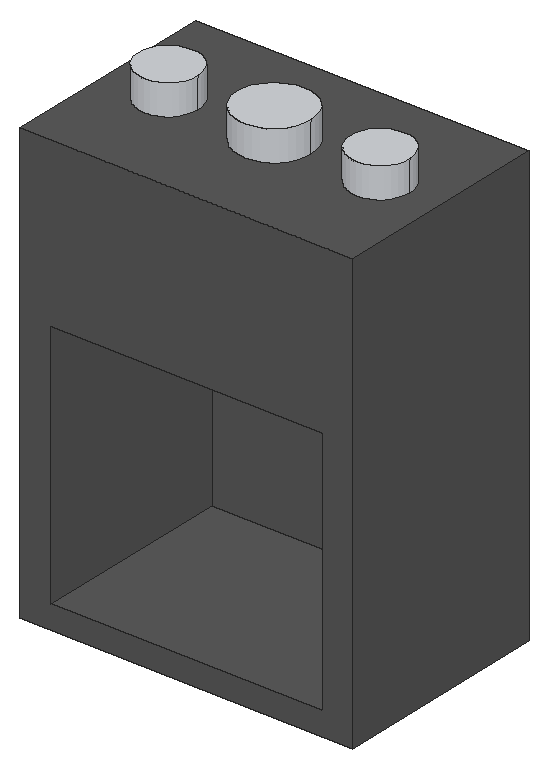
Revit family "montigo-commercial-single-sided-low-profile-fireplace-BF36", category Generic Models, Revit 2019
Family settings
  Can host rebar = No
  Round Connector Dimension = Use Diameter
  Part Type = Normal
  Work Plane-Based = No
  Always vertical = Yes
  Cut with Voids When Loaded = No
  Shared = No
  Room Calculation Point = No
Parameters
  URL = "https://www.montigo.com/"
  Model = ""
  Manufacturer Fax = ""
  Manufacturer Website = "https://www.montigo.com/"
  Manufacturer Phone - Toll Free = "800-378-3115"
  Manufacturer Phone = ""
  Manufacturer Address = "27342 Gloucester Way  Langley, BC, Canada   V4W 4A1"
  Manufacturer = "Montigo"
  Keynote = ""
  Glazing Tint = Glass - Montigo - Tint as Specified
  Frame Material = Metal - Montigo - Black
  Firebox Material = Metal - Montigo - White
  Description = "Montigo Fireplace as Specified"
Reference planes (in)
  plane 1 "Center (Front/Back)": y = 0
  plane 2: z = 0
  plane 3 "Center (Left/Right)": x = 0
Forms (in)
  Extrusion 1, solid, material "Metal - Montigo - Black" <- "Frame Material"
    sketch origin (15, -15, 0) x (1, 0, 0) y (0, 1, 0)
      loop
        line (-37, 29.5) -> (-37, 0.5) -> (7, 0.5) -> (7, 29.5) -> (-37, 29.5)
    from 0 to 58
  Extrusion 2, solid
    sketch origin (0, 0, 0) x (1, 0, 0) y (0, 1, 0)
      loop
        circle (0, 0) r 4.875
      loop
        circle (-14, 0) r 3.9375
      loop
        circle (14, 0) r 3.9375
    from 58 to 62
  Extrusion 3, void
    sketch origin (19.1875, -6.15625, 0) x (-1, 0, 0) y (0, 0, -1)
      loop
        line (37.1875, -36) -> (37.1875, -3) -> (1.1875, -3) -> (1.1875, -36) -> (37.1875, -36)
    from -18.3002 to 12
Cuts and joins
  Extrusion 3 cuts Extrusion 1
Lines and regions (in)
  symbolic lines
    curve 1: line (-22, 14.5, 0) -> (-22, -14.5, 0)
Dimensions and locks (in)
  cut or joined group of Extrusion 1, Extrusion 3 to plane 3 "Center (Left/Right)" to cut or joined group of Extrusion 1, Extrusion 3 = 22", 22"
  radius of Extrusion 2 sketch curve = 4 7/8"
  diameter of Extrusion 2 sketch curve = 9 3/4"
  aligned and locked: level to plane 2
Connectors (in)
  hvac at (0, 0, 62)
    settings: on Extrusion 2, index 2, duct flow 0.0 L/s, flow factor 0, pres drop 0.0 Pa, loss coef 0, conn angle 0.00°, conn width 304.8 mm, conn height 304.8 mm, conn diameter 247.65 mm, duct sys type 3, conn prof type 0, flow config 0, flow direction 0, loss method 0, conn ref index -1, conn util no, is conn primary yes, conn desc ""
  hvac at (-14, 0, 62)
    settings: on Extrusion 2, index 3, duct flow 0.0 L/s, flow factor 0, pres drop 0.0 Pa, loss coef 0, conn angle 0.00°, conn width 304.8 mm, conn height 304.8 mm, conn diameter 200.124 mm, duct sys type 3, conn prof type 0, flow config 0, flow direction 0, loss method 0, conn ref index -1, conn util no, is conn primary no, conn desc ""
  hvac at (14, 0, 62)
    settings: on Extrusion 2, index 4, duct flow 0.0 L/s, flow factor 0, pres drop 0.0 Pa, loss coef 0, conn angle 0.00°, conn width 304.8 mm, conn height 304.8 mm, conn diameter 200.124 mm, duct sys type 3, conn prof type 0, flow config 0, flow direction 0, loss method 0, conn ref index -1, conn util no, is conn primary no, conn desc ""
